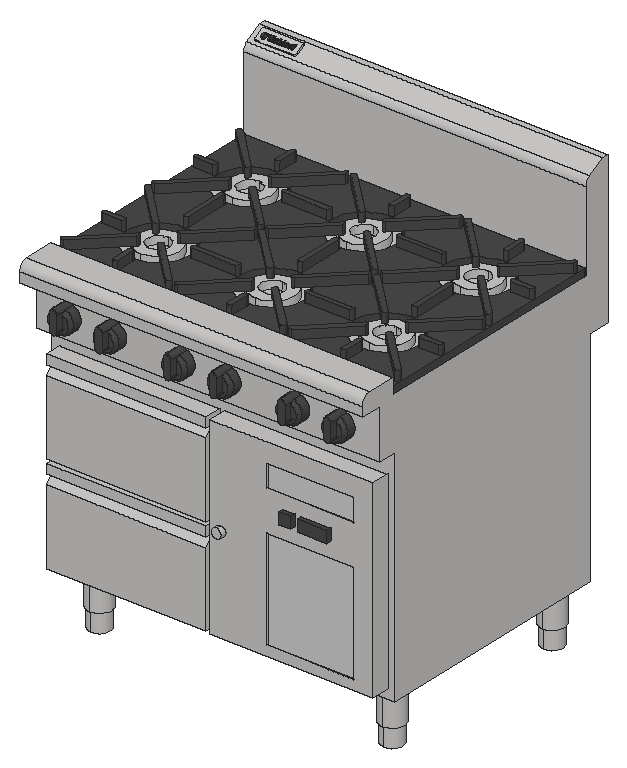
Revit family "QF_MOFFAT WALDORF_RN8600G-RB", category Specialty Equipment, Revit 2012
Parameters
  Weight in Pounds = 396.8316
  Watts = 250 W
  Volts = 240 V
  URL Cutsheet = "www.moffat.com"
  URL = "www.moffat.com"
  Type Mark [instance] = ""
  Status [instance] = ""
  Specification by User [instance] = ""
  Specification by Manufacturer = ""
  Show Logo [instance] = yes
  Show Door [instance] = no
  Show Clearance [instance] = yes
  Show Casters [instance] = no
  Serial Number = ""
  Seismic Rating = ""
  SMACNA No = ""
  Revision Code [instance] = ""
  Refrigerant Type = "R134a"
  Phase = 1
  Omniclass Number and Title = ""
  Number of Poles = 1
  NAFEM Spec ID Number = ""
  Model = "RN8600G-RB"
  Min Ckt Ampacity = 0 A
  Mechanical Remarks [instance] = ""
  Mechanical Connection Type [instance] = ""
  Max Overcurrent Protection = 0 A
  Masterspec = ""
  Manufacturer = "MOFFAT WALDORF"
  Legs [instance] = not(Show Casters)  # yes
  Item Number [instance] = ""
  Installed By [instance] = ""
  Identify Quantity as Lot [instance] = yes
  HP = ""
  Gas Size = 3/4"
  Gas RI Height [instance] = 0.0 mm
  Gas KW [instance] = 46.6
  Gas Input [instance] = 159233.0 Btu/h
  Gas Connection Height = 0.0 mm
  Furnished By [instance] = ""
  Foodservice Equipment Identifier [instance] = yes
  FL Amps = 1.8 A
  Elec Conn RI Height = 0.0 mm
  Elec Conn Connection Height = 0.0 mm
  Drawer Clearance [instance] = and(Show Clearance, and(Drawer))  # yes
  Drawer [instance] = not(Show Door)  # yes
  Door Clearance [instance] = and(Show Clearance, and(Show Door))  # no
  Description = "COOK TOP GAS ON REFRIGERATED BASE"
  Cycle = 50 Hz
  Conn Plug = ""
  Conn Conduit = yes
  CSI MasterFormat = ""
  CSI Master Format = ""
  Body Height [instance] = 915.0 mm
  Base Height [instance] = 150.0 mm
  Apparent Power = if(Phase = 3, Volts * FL Amps * 1.73, Volts * FL Amps)  # 432 VA
Reference planes
  plane 1 "BACK": y = 0
  plane 2: z = 0
  plane 3 "LEFT": x = 0
  plane 4 "RIGHT": x = 900
  plane 5 "FRONT": y = -805
  plane 6 "TOP": z = 1130
  plane 7 "Center Y": x = 450
  plane 8 "Center X": y = -402.5
  plane 9 "Base Height": z = 150
  plane 10: z = 915
  plane 11: x = 65.8
  plane 12: x = 65
  plane 13: x = 835
  plane 14: z = 174
  plane 15: z = 402
  plane 16: x = 616.5
Forms (mm)
  Revolve 1, solid, material "QF_Finishes_Black"
    sketch origin (210, 0, 600) x (0, -1, 0) y (0, 0, 1)
      loop
        line (782, 229.605) -> (759, 229.605) -> (759, 202.105) -> (749, 202.105) -> (749, 197.105) -> (793, 197.105) -> (793, 223.757) -> (782, 229.605)
      axis (793, 197.105) -> (749, 197.105)
    angle from 0 to 360
  Extrusion 2, solid, material "QF_Finishes_Black"
    sketch origin (-78.431, 0, 496.003) x (1, 0, 0) y (0, 0, 1)
      loop
        line (298.431, 289) -> (298.431, 327.997)
        arc (298.431, 327.997) -> (288.431, 337.997) -> (278.431, 327.997) r 10
        line (278.431, 327.997) -> (278.431, 289)
        arc (278.431, 289) -> (288.431, 279) -> (298.431, 289) r 10
    from 759 to 808
  Extrusion 3, solid, material "QF_Finishes_Stainless Steel"
    sketch origin (705, 3, 100) x (1, 0, 0) y (0, 1, 0)
      loop
        circle (65, -35) r 13.5
    from 555 to 635
  Revolve 4, solid, material "QF_Finishes_Black"
    sketch origin (89.999, 0, 599.873) x (0, 1, 0) y (0, 0, -1)
      loop
        line (-782, -229.5) -> (-759, -229.5) -> (-759, -202) -> (-749, -202) -> (-749, -197) -> (-793, -197) -> (-793, -223.651) -> (-782, -229.5)
      axis (-793, -197) -> (-749, -197)
    angle from 0 to 360
  Extrusion 5, solid, material "QF_Finishes_Black"
    sketch origin (228.269, 0, 600.031) x (-1, 0, 0) y (0, 0, -1)
      loop
        arc (148.269, -184.969) -> (138.269, -174.969) -> (128.269, -184.969) r 10
        line (128.269, -184.969) -> (128.269, -223.969)
        arc (128.269, -223.969) -> (138.269, -233.969) -> (148.269, -223.969) r 10
        line (148.269, -223.969) -> (148.269, -184.969)
    from 759 to 808
  Extrusion 6, solid, material "QF_Finishes_Black"
    sketch origin (0, -70, 875) x (0, -1, 0) y (1, 0, 0)
      loop
        arc (1, 4) -> (1.879, 1.879) -> (4, 1) r 3
        line (4, 1) -> (631, 1)
        arc (631, 1) -> (633.121, 1.879) -> (634, 4) r 3
        line (634, 4) -> (634, 896)
        arc (634, 896) -> (633.121, 898.121) -> (631, 899) r 3
        line (631, 899) -> (4, 899)
        arc (4, 899) -> (1.879, 898.121) -> (1, 896) r 3
        line (1, 896) -> (1, 4)
      loop
        circle (167.5, 150) r 84.082
      loop
        circle (467.5, 150) r 84.082
      loop
        circle (467.5, 750) r 84.082
      loop
        circle (167.5, 750) r 84.082
      loop
        circle (167.5, 450) r 84.082
      loop
        circle (467.5, 450) r 84.082
    from 0 to 19.5
  Extrusion 7, solid, material "QF_Finishes_Black"
    sketch origin (0, -70, 894.5) x (0, -1, 0) y (1, 0, 0)
      loop
        spline (323.602, 15.153) -> (322.681, 13.924) -> (322.131, 12.47) -> (321.99, 10.89) -> (322.267, 9.292) -> (322.943, 7.786) -> (323.973, 6.473) -> (325.286, 5.443) -> (326.792, 4.767) -> (328.39, 4.49) -> (329.97, 4.631) -> (331.424, 5.181) -> (332.653, 6.102)
        line (332.653, 6.102) -> (440.576, 114.025)
        spline (440.576, 114.025) -> (441.337, 115.095) -> (441.738, 116.399) -> (441.751, 117.851) -> (441.375, 119.35) -> (440.637, 120.795) -> (439.586, 122.086) -> (438.295, 123.137) -> (436.85, 123.875) -> (435.351, 124.251) -> (433.899, 124.238) -> (432.595, 123.837) -> (431.525, 123.076)
        line (431.525, 123.076) -> (323.602, 15.153)
      loop
        spline (259.398, 156.4) -> (258.104, 156.182) -> (256.898, 155.543) -> (255.862, 154.525) -> (255.068, 153.2) -> (254.568, 151.656) -> (254.398, 150) -> (254.568, 148.344) -> (255.068, 146.8) -> (255.862, 145.475) -> (256.898, 144.457) -> (258.104, 143.818) -> (259.398, 143.6)
        line (259.398, 143.6) -> (375.602, 143.6)
        spline (375.602, 143.6) -> (376.896, 143.818) -> (378.102, 144.457) -> (379.138, 145.475) -> (379.932, 146.8) -> (380.432, 148.344) -> (380.602, 150) -> (380.432, 151.656) -> (379.932, 153.2) -> (379.138, 154.525) -> (378.102, 155.543) -> (376.896, 156.182) -> (375.602, 156.4)
        line (375.602, 156.4) -> (259.398, 156.4)
      loop
        spline (608.602, 143.6) -> (609.896, 143.818) -> (611.102, 144.457) -> (612.138, 145.475) -> (612.932, 146.8) -> (613.432, 148.344) -> (613.602, 150) -> (613.432, 151.656) -> (612.932, 153.2) -> (612.138, 154.525) -> (611.102, 155.543) -> (609.896, 156.182) -> (608.602, 156.4)
        line (608.602, 156.4) -> (559.398, 156.4)
        spline (559.398, 156.4) -> (558.104, 156.182) -> (556.898, 155.543) -> (555.862, 154.525) -> (555.068, 153.2) -> (554.568, 151.656) -> (554.398, 150) -> (554.568, 148.344) -> (555.068, 146.8) -> (555.862, 145.475) -> (556.898, 144.457) -> (558.104, 143.818) -> (559.398, 143.6)
        line (559.398, 143.6) -> (608.602, 143.6)
      loop
        line (611.398, 15.153) -> (503.475, 123.076)
        spline (503.475, 123.076) -> (502.405, 123.837) -> (501.101, 124.238) -> (499.649, 124.251) -> (498.15, 123.875) -> (496.705, 123.137) -> (495.414, 122.086) -> (494.363, 120.795) -> (493.625, 119.35) -> (493.249, 117.851) -> (493.262, 116.399) -> (493.663, 115.095) -> (494.424, 114.025)
        line (494.424, 114.025) -> (602.347, 6.102)
        spline (602.347, 6.102) -> (603.416, 5.341) -> (604.721, 4.941) -> (606.172, 4.928) -> (607.671, 5.303) -> (609.116, 6.041) -> (610.408, 7.092) -> (611.459, 8.384) -> (612.197, 9.829) -> (612.572, 11.328) -> (612.559, 12.779) -> (612.159, 14.084) -> (611.398, 15.153)
      loop
        line (473.9, 8.898) -> (473.9, 58.102)
        spline (473.9, 58.102) -> (473.682, 59.396) -> (473.043, 60.602) -> (472.025, 61.638) -> (470.7, 62.432) -> (469.156, 62.932) -> (467.5, 63.102) -> (465.844, 62.932) -> (464.3, 62.432) -> (462.975, 61.638) -> (461.957, 60.602) -> (461.318, 59.396) -> (461.1, 58.102)
        line (461.1, 58.102) -> (461.1, 8.898)
        spline (461.1, 8.898) -> (461.318, 7.604) -> (461.957, 6.398) -> (462.975, 5.362) -> (464.3, 4.568) -> (465.844, 4.068) -> (467.5, 3.898) -> (469.156, 4.068) -> (470.7, 4.568) -> (472.025, 5.362) -> (473.043, 6.398) -> (473.682, 7.604) -> (473.9, 8.898)
      loop
        spline (23.602, 15.153) -> (22.681, 13.924) -> (22.131, 12.47) -> (21.99, 10.89) -> (22.267, 9.292) -> (22.943, 7.786) -> (23.973, 6.473) -> (25.286, 5.443) -> (26.792, 4.767) -> (28.39, 4.49) -> (29.97, 4.631) -> (31.424, 5.181) -> (32.653, 6.102)
        line (32.653, 6.102) -> (140.576, 114.025)
        spline (140.576, 114.025) -> (141.337, 115.095) -> (141.738, 116.399) -> (141.751, 117.851) -> (141.375, 119.35) -> (140.637, 120.795) -> (139.586, 122.086) -> (138.295, 123.137) -> (136.85, 123.875) -> (135.351, 124.251) -> (133.899, 124.238) -> (132.595, 123.837) -> (131.525, 123.076)
        line (131.525, 123.076) -> (23.602, 15.153)
      loop
        spline (26.398, 156.4) -> (25.104, 156.182) -> (23.898, 155.543) -> (22.862, 154.525) -> (22.068, 153.2) -> (21.568, 151.656) -> (21.398, 150) -> (21.568, 148.344) -> (22.068, 146.8) -> (22.862, 145.475) -> (23.898, 144.457) -> (25.104, 143.818) -> (26.398, 143.6)
        line (26.398, 143.6) -> (75.602, 143.6)
        spline (75.602, 143.6) -> (76.896, 143.818) -> (78.102, 144.457) -> (79.138, 145.475) -> (79.932, 146.8) -> (80.432, 148.344) -> (80.602, 150) -> (80.432, 151.656) -> (79.932, 153.2) -> (79.138, 154.525) -> (78.102, 155.543) -> (76.896, 156.182) -> (75.602, 156.4)
        line (75.602, 156.4) -> (26.398, 156.4)
      loop
        line (311.398, 15.153) -> (203.475, 123.076)
        spline (203.475, 123.076) -> (202.405, 123.837) -> (201.101, 124.238) -> (199.649, 124.251) -> (198.15, 123.875) -> (196.705, 123.137) -> (195.414, 122.086) -> (194.363, 120.795) -> (193.625, 119.35) -> (193.249, 117.851) -> (193.262, 116.399) -> (193.663, 115.095) -> (194.424, 114.025)
        line (194.424, 114.025) -> (302.347, 6.102)
        spline (302.347, 6.102) -> (303.416, 5.341) -> (304.721, 4.941) -> (306.172, 4.928) -> (307.671, 5.303) -> (309.116, 6.041) -> (310.408, 7.092) -> (311.459, 8.384) -> (312.197, 9.829) -> (312.572, 11.328) -> (312.559, 12.779) -> (312.159, 14.084) -> (311.398, 15.153)
      loop
        line (173.9, 8.898) -> (173.9, 58.102)
        spline (173.9, 58.102) -> (173.682, 59.396) -> (173.043, 60.602) -> (172.025, 61.638) -> (170.7, 62.432) -> (169.156, 62.932) -> (167.5, 63.102) -> (165.844, 62.932) -> (164.3, 62.432) -> (162.975, 61.638) -> (161.957, 60.602) -> (161.318, 59.396) -> (161.1, 58.102)
        line (161.1, 58.102) -> (161.1, 8.898)
        spline (161.1, 8.898) -> (161.318, 7.604) -> (161.957, 6.398) -> (162.975, 5.362) -> (164.3, 4.568) -> (165.844, 4.068) -> (167.5, 3.898) -> (169.156, 4.068) -> (170.7, 4.568) -> (172.025, 5.362) -> (173.043, 6.398) -> (173.682, 7.604) -> (173.9, 8.898)
      loop
        line (323.602, 284.847) -> (431.525, 176.924)
        spline (431.525, 176.924) -> (432.595, 176.163) -> (433.899, 175.762) -> (435.351, 175.749) -> (436.85, 176.125) -> (438.295, 176.863) -> (439.586, 177.914) -> (440.637, 179.205) -> (441.375, 180.65) -> (441.751, 182.149) -> (441.738, 183.601) -> (441.337, 184.905) -> (440.576, 185.975)
        line (440.576, 185.975) -> (332.653, 293.898)
        spline (332.653, 293.898) -> (331.424, 294.819) -> (329.97, 295.369) -> (328.39, 295.51) -> (326.792, 295.233) -> (325.286, 294.557) -> (323.973, 293.527) -> (322.943, 292.214) -> (322.267, 290.708) -> (321.99, 289.11) -> (322.131, 287.53) -> (322.681, 286.076) -> (323.602, 284.847)
      loop
        spline (611.398, 284.847) -> (612.159, 285.916) -> (612.559, 287.221) -> (612.572, 288.672) -> (612.197, 290.171) -> (611.459, 291.616) -> (610.408, 292.908) -> (609.116, 293.959) -> (607.671, 294.697) -> (606.172, 295.072) -> (604.721, 295.059) -> (603.416, 294.659) -> (602.347, 293.898)
        line (602.347, 293.898) -> (494.424, 185.975)
        spline (494.424, 185.975) -> (493.663, 184.905) -> (493.262, 183.601) -> (493.249, 182.149) -> (493.625, 180.65) -> (494.363, 179.205) -> (495.414, 177.914) -> (496.705, 176.863) -> (498.15, 176.125) -> (499.649, 175.749) -> (501.101, 175.762) -> (502.405, 176.163) -> (503.475, 176.924)
        line (503.475, 176.924) -> (611.398, 284.847)
      loop
        spline (461.1, 241.898) -> (461.318, 240.604) -> (461.957, 239.398) -> (462.975, 238.362) -> (464.3, 237.568) -> (465.844, 237.068) -> (467.5, 236.898) -> (469.156, 237.068) -> (470.7, 237.568) -> (472.025, 238.362) -> (473.043, 239.398) -> (473.682, 240.604) -> (473.9, 241.898)
        line (473.9, 241.898) -> (473.9, 358.102)
        spline (473.9, 358.102) -> (473.682, 359.396) -> (473.043, 360.602) -> (472.025, 361.638) -> (470.7, 362.432) -> (469.156, 362.932) -> (467.5, 363.102) -> (465.844, 362.932) -> (464.3, 362.432) -> (462.975, 361.638) -> (461.957, 360.602) -> (461.318, 359.396) -> (461.1, 358.102)
        line (461.1, 358.102) -> (461.1, 241.898)
      loop
        line (23.602, 284.847) -> (131.525, 176.924)
        spline (131.525, 176.924) -> (132.595, 176.163) -> (133.899, 175.762) -> (135.351, 175.749) -> (136.85, 176.125) -> (138.295, 176.863) -> (139.586, 177.914) -> (140.637, 179.205) -> (141.375, 180.65) -> (141.751, 182.149) -> (141.738, 183.601) -> (141.337, 184.905) -> (140.576, 185.975)
        line (140.576, 185.975) -> (32.653, 293.898)
        spline (32.653, 293.898) -> (31.424, 294.819) -> (29.97, 295.369) -> (28.39, 295.51) -> (26.792, 295.233) -> (25.286, 294.557) -> (23.973, 293.527) -> (22.943, 292.214) -> (22.267, 290.708) -> (21.99, 289.11) -> (22.131, 287.53) -> (22.681, 286.076) -> (23.602, 284.847)
      loop
        spline (311.398, 284.847) -> (312.159, 285.916) -> (312.559, 287.221) -> (312.572, 288.672) -> (312.197, 290.171) -> (311.459, 291.616) -> (310.408, 292.908) -> (309.116, 293.959) -> (307.671, 294.697) -> (306.172, 295.072) -> (304.721, 295.059) -> (303.416, 294.659) -> (302.347, 293.898)
        line (302.347, 293.898) -> (194.424, 185.975)
        spline (194.424, 185.975) -> (193.663, 184.905) -> (193.262, 183.601) -> (193.249, 182.149) -> (193.625, 180.65) -> (194.363, 179.205) -> (195.414, 177.914) -> (196.705, 176.863) -> (198.15, 176.125) -> (199.649, 175.749) -> (201.101, 175.762) -> (202.405, 176.163) -> (203.475, 176.924)
        line (203.475, 176.924) -> (311.398, 284.847)
      loop
        spline (173.9, 358.102) -> (173.682, 359.396) -> (173.043, 360.602) -> (172.025, 361.638) -> (170.7, 362.432) -> (169.156, 362.932) -> (167.5, 363.102) -> (165.844, 362.932) -> (164.3, 362.432) -> (162.975, 361.638) -> (161.957, 360.602) -> (161.318, 359.396) -> (161.1, 358.102)
        line (161.1, 358.102) -> (161.1, 241.898)
        spline (161.1, 241.898) -> (161.318, 240.604) -> (161.957, 239.398) -> (162.975, 238.362) -> (164.3, 237.568) -> (165.844, 237.068) -> (167.5, 236.898) -> (169.156, 237.068) -> (170.7, 237.568) -> (172.025, 238.362) -> (173.043, 239.398) -> (173.682, 240.604) -> (173.9, 241.898)
        line (173.9, 241.898) -> (173.9, 358.102)
      loop
        spline (323.602, 315.153) -> (322.681, 313.924) -> (322.131, 312.47) -> (321.99, 310.89) -> (322.267, 309.292) -> (322.943, 307.786) -> (323.973, 306.473) -> (325.286, 305.443) -> (326.792, 304.767) -> (328.39, 304.49) -> (329.97, 304.631) -> (331.424, 305.181) -> (332.653, 306.102)
        line (332.653, 306.102) -> (440.576, 414.025)
        spline (440.576, 414.025) -> (441.337, 415.095) -> (441.738, 416.399) -> (441.751, 417.851) -> (441.375, 419.35) -> (440.637, 420.795) -> (439.586, 422.086) -> (438.295, 423.137) -> (436.85, 423.875) -> (435.351, 424.251) -> (433.899, 424.238) -> (432.595, 423.837) -> (431.525, 423.076)
        line (431.525, 423.076) -> (323.602, 315.153)
      loop
        spline (259.398, 456.4) -> (258.104, 456.182) -> (256.898, 455.543) -> (255.862, 454.525) -> (255.068, 453.2) -> (254.568, 451.656) -> (254.398, 450) -> (254.568, 448.344) -> (255.068, 446.8) -> (255.862, 445.475) -> (256.898, 444.457) -> (258.104, 443.818) -> (259.398, 443.6)
        line (259.398, 443.6) -> (375.602, 443.6)
        spline (375.602, 443.6) -> (376.896, 443.818) -> (378.102, 444.457) -> (379.138, 445.475) -> (379.932, 446.8) -> (380.432, 448.344) -> (380.602, 450) -> (380.432, 451.656) -> (379.932, 453.2) -> (379.138, 454.525) -> (378.102, 455.543) -> (376.896, 456.182) -> (375.602, 456.4)
        line (375.602, 456.4) -> (259.398, 456.4)
      loop
        spline (608.602, 443.6) -> (609.896, 443.818) -> (611.102, 444.457) -> (612.138, 445.475) -> (612.932, 446.8) -> (613.432, 448.344) -> (613.602, 450) -> (613.432, 451.656) -> (612.932, 453.2) -> (612.138, 454.525) -> (611.102, 455.543) -> (609.896, 456.182) -> (608.602, 456.4)
        line (608.602, 456.4) -> (559.398, 456.4)
        spline (559.398, 456.4) -> (558.104, 456.182) -> (556.898, 455.543) -> (555.862, 454.525) -> (555.068, 453.2) -> (554.568, 451.656) -> (554.398, 450) -> (554.568, 448.344) -> (555.068, 446.8) -> (555.862, 445.475) -> (556.898, 444.457) -> (558.104, 443.818) -> (559.398, 443.6)
        line (559.398, 443.6) -> (608.602, 443.6)
      loop
        line (611.398, 315.153) -> (503.475, 423.076)
        spline (503.475, 423.076) -> (502.405, 423.837) -> (501.101, 424.238) -> (499.649, 424.251) -> (498.15, 423.875) -> (496.705, 423.137) -> (495.414, 422.086) -> (494.363, 420.795) -> (493.625, 419.35) -> (493.249, 417.851) -> (493.262, 416.399) -> (493.663, 415.095) -> (494.424, 414.025)
        line (494.424, 414.025) -> (602.347, 306.102)
        spline (602.347, 306.102) -> (603.416, 305.341) -> (604.721, 304.941) -> (606.172, 304.928) -> (607.671, 305.303) -> (609.116, 306.041) -> (610.408, 307.092) -> (611.459, 308.384) -> (612.197, 309.829) -> (612.572, 311.328) -> (612.559, 312.779) -> (612.159, 314.084) -> (611.398, 315.153)
      loop
        spline (23.602, 315.153) -> (22.681, 313.924) -> (22.131, 312.47) -> (21.99, 310.89) -> (22.267, 309.292) -> (22.943, 307.786) -> (23.973, 306.473) -> (25.286, 305.443) -> (26.792, 304.767) -> (28.39, 304.49) -> (29.97, 304.631) -> (31.424, 305.181) -> (32.653, 306.102)
        line (32.653, 306.102) -> (140.576, 414.025)
        spline (140.576, 414.025) -> (141.337, 415.095) -> (141.738, 416.399) -> (141.751, 417.851) -> (141.375, 419.35) -> (140.637, 420.795) -> (139.586, 422.086) -> (138.295, 423.137) -> (136.85, 423.875) -> (135.351, 424.251) -> (133.899, 424.238) -> (132.595, 423.837) -> (131.525, 423.076)
        line (131.525, 423.076) -> (23.602, 315.153)
      loop
        spline (26.398, 456.4) -> (25.104, 456.182) -> (23.898, 455.543) -> (22.862, 454.525) -> (22.068, 453.2) -> (21.568, 451.656) -> (21.398, 450) -> (21.568, 448.344) -> (22.068, 446.8) -> (22.862, 445.475) -> (23.898, 444.457) -> (25.104, 443.818) -> (26.398, 443.6)
        line (26.398, 443.6) -> (75.602, 443.6)
        spline (75.602, 443.6) -> (76.896, 443.818) -> (78.102, 444.457) -> (79.138, 445.475) -> (79.932, 446.8) -> (80.432, 448.344) -> (80.602, 450) -> (80.432, 451.656) -> (79.932, 453.2) -> (79.138, 454.525) -> (78.102, 455.543) -> (76.896, 456.182) -> (75.602, 456.4)
        line (75.602, 456.4) -> (26.398, 456.4)
      loop
        line (311.398, 315.153) -> (203.475, 423.076)
        spline (203.475, 423.076) -> (202.405, 423.837) -> (201.101, 424.238) -> (199.649, 424.251) -> (198.15, 423.875) -> (196.705, 423.137) -> (195.414, 422.086) -> (194.363, 420.795) -> (193.625, 419.35) -> (193.249, 417.851) -> (193.262, 416.399) -> (193.663, 415.095) -> (194.424, 414.025)
        line (194.424, 414.025) -> (302.347, 306.102)
        spline (302.347, 306.102) -> (303.416, 305.341) -> (304.721, 304.941) -> (306.172, 304.928) -> (307.671, 305.303) -> (309.116, 306.041) -> (310.408, 307.092) -> (311.459, 308.384) -> (312.197, 309.829) -> (312.572, 311.328) -> (312.559, 312.779) -> (312.159, 314.084) -> (311.398, 315.153)
      loop
        line (323.602, 584.847) -> (431.525, 476.924)
        spline (431.525, 476.924) -> (432.595, 476.163) -> (433.899, 475.762) -> (435.351, 475.749) -> (436.85, 476.125) -> (438.295, 476.863) -> (439.586, 477.914) -> (440.637, 479.205) -> (441.375, 480.65) -> (441.751, 482.149) -> (441.738, 483.601) -> (441.337, 484.905) -> (440.576, 485.975)
        line (440.576, 485.975) -> (332.653, 593.898)
        spline (332.653, 593.898) -> (331.424, 594.819) -> (329.97, 595.369) -> (328.39, 595.51) -> (326.792, 595.233) -> (325.286, 594.557) -> (323.973, 593.527) -> (322.943, 592.214) -> (322.267, 590.708) -> (321.99, 589.11) -> (322.131, 587.53) -> (322.681, 586.076) -> (323.602, 584.847)
      loop
        spline (611.398, 584.847) -> (612.159, 585.916) -> (612.559, 587.221) -> (612.572, 588.672) -> (612.197, 590.171) -> (611.459, 591.616) -> (610.408, 592.908) -> (609.116, 593.959) -> (607.671, 594.697) -> (606.172, 595.072) -> (604.721, 595.059) -> (603.416, 594.659) -> (602.347, 593.898)
        line (602.347, 593.898) -> (494.424, 485.975)
        spline (494.424, 485.975) -> (493.663, 484.905) -> (493.262, 483.601) -> (493.249, 482.149) -> (493.625, 480.65) -> (494.363, 479.205) -> (495.414, 477.914) -> (496.705, 476.863) -> (498.15, 476.125) -> (499.649, 475.749) -> (501.101, 475.762) -> (502.405, 476.163) -> (503.475, 476.924)
        line (503.475, 476.924) -> (611.398, 584.847)
      loop
        spline (473.9, 658.102) -> (473.682, 659.396) -> (473.043, 660.602) -> (472.025, 661.638) -> (470.7, 662.432) -> (469.156, 662.932) -> (467.5, 663.102) -> (465.844, 662.932) -> (464.3, 662.432) -> (462.975, 661.638) -> (461.957, 660.602) -> (461.318, 659.396) -> (461.1, 658.102)
        line (461.1, 658.102) -> (461.1, 541.898)
        spline (461.1, 541.898) -> (461.318, 540.604) -> (461.957, 539.398) -> (462.975, 538.362) -> (464.3, 537.568) -> (465.844, 537.068) -> (467.5, 536.898) -> (469.156, 537.068) -> (470.7, 537.568) -> (472.025, 538.362) -> (473.043, 539.398) -> (473.682, 540.604) -> (473.9, 541.898)
        line (473.9, 541.898) -> (473.9, 658.102)
      loop
        line (23.602, 584.847) -> (131.525, 476.924)
        spline (131.525, 476.924) -> (132.595, 476.163) -> (133.899, 475.762) -> (135.351, 475.749) -> (136.85, 476.125) -> (138.295, 476.863) -> (139.586, 477.914) -> (140.637, 479.205) -> (141.375, 480.65) -> (141.751, 482.149) -> (141.738, 483.601) -> (141.337, 484.905) -> (140.576, 485.975)
        line (140.576, 485.975) -> (32.653, 593.898)
        spline (32.653, 593.898) -> (31.424, 594.819) -> (29.97, 595.369) -> (28.39, 595.51) -> (26.792, 595.233) -> (25.286, 594.557) -> (23.973, 593.527) -> (22.943, 592.214) -> (22.267, 590.708) -> (21.99, 589.11) -> (22.131, 587.53) -> (22.681, 586.076) -> (23.602, 584.847)
      loop
        spline (311.398, 584.847) -> (312.159, 585.916) -> (312.559, 587.221) -> (312.572, 588.672) -> (312.197, 590.171) -> (311.459, 591.616) -> (310.408, 592.908) -> (309.116, 593.959) -> (307.671, 594.697) -> (306.172, 595.072) -> (304.721, 595.059) -> (303.416, 594.659) -> (302.347, 593.898)
        line (302.347, 593.898) -> (194.424, 485.975)
        spline (194.424, 485.975) -> (193.663, 484.905) -> (193.262, 483.601) -> (193.249, 482.149) -> (193.625, 480.65) -> (194.363, 479.205) -> (195.414, 477.914) -> (196.705, 476.863) -> (198.15, 476.125) -> (199.649, 475.749) -> (201.101, 475.762) -> (202.405, 476.163) -> (203.475, 476.924)
        line (203.475, 476.924) -> (311.398, 584.847)
      loop
        spline (173.9, 658.102) -> (173.682, 659.396) -> (173.043, 660.602) -> (172.025, 661.638) -> (170.7, 662.432) -> (169.156, 662.932) -> (167.5, 663.102) -> (165.844, 662.932) -> (164.3, 662.432) -> (162.975, 661.638) -> (161.957, 660.602) -> (161.318, 659.396) -> (161.1, 658.102)
        line (161.1, 658.102) -> (161.1, 541.898)
        spline (161.1, 541.898) -> (161.318, 540.604) -> (161.957, 539.398) -> (162.975, 538.362) -> (164.3, 537.568) -> (165.844, 537.068) -> (167.5, 536.898) -> (169.156, 537.068) -> (170.7, 537.568) -> (172.025, 538.362) -> (173.043, 539.398) -> (173.682, 540.604) -> (173.9, 541.898)
        line (173.9, 541.898) -> (173.9, 658.102)
      loop
        spline (323.602, 615.153) -> (322.681, 613.924) -> (322.131, 612.47) -> (321.99, 610.89) -> (322.267, 609.292) -> (322.943, 607.786) -> (323.973, 606.473) -> (325.286, 605.443) -> (326.792, 604.767) -> (328.39, 604.49) -> (329.97, 604.631) -> (331.424, 605.181) -> (332.653, 606.102)
        line (332.653, 606.102) -> (440.576, 714.025)
        spline (440.576, 714.025) -> (441.337, 715.095) -> (441.738, 716.399) -> (441.751, 717.851) -> (441.375, 719.35) -> (440.637, 720.795) -> (439.586, 722.086) -> (438.295, 723.137) -> (436.85, 723.875) -> (435.351, 724.251) -> (433.899, 724.238) -> (432.595, 723.837) -> (431.525, 723.076)
        line (431.525, 723.076) -> (323.602, 615.153)
      loop
        spline (259.398, 756.4) -> (258.104, 756.182) -> (256.898, 755.543) -> (255.862, 754.525) -> (255.068, 753.2) -> (254.568, 751.656) -> (254.398, 750) -> (254.568, 748.344) -> (255.068, 746.8) -> (255.862, 745.475) -> (256.898, 744.457) -> (258.104, 743.818) -> (259.398, 743.6)
        line (259.398, 743.6) -> (375.602, 743.6)
        spline (375.602, 743.6) -> (376.896, 743.818) -> (378.102, 744.457) -> (379.138, 745.475) -> (379.932, 746.8) -> (380.432, 748.344) -> (380.602, 750) -> (380.432, 751.656) -> (379.932, 753.2) -> (379.138, 754.525) -> (378.102, 755.543) -> (376.896, 756.182) -> (375.602, 756.4)
        line (375.602, 756.4) -> (259.398, 756.4)
      loop
        spline (608.602, 743.6) -> (609.896, 743.818) -> (611.102, 744.457) -> (612.138, 745.475) -> (612.932, 746.8) -> (613.432, 748.344) -> (613.602, 750) -> (613.432, 751.656) -> (612.932, 753.2) -> (612.138, 754.525) -> (611.102, 755.543) -> (609.896, 756.182) -> (608.602, 756.4)
        line (608.602, 756.4) -> (559.398, 756.4)
        spline (559.398, 756.4) -> (558.104, 756.182) -> (556.898, 755.543) -> (555.862, 754.525) -> (555.068, 753.2) -> (554.568, 751.656) -> (554.398, 750) -> (554.568, 748.344) -> (555.068, 746.8) -> (555.862, 745.475) -> (556.898, 744.457) -> (558.104, 743.818) -> (559.398, 743.6)
        line (559.398, 743.6) -> (608.602, 743.6)
      loop
        line (611.398, 615.153) -> (503.475, 723.076)
        spline (503.475, 723.076) -> (502.405, 723.837) -> (501.101, 724.238) -> (499.649, 724.251) -> (498.15, 723.875) -> (496.705, 723.137) -> (495.414, 722.086) -> (494.363, 720.795) -> (493.625, 719.35) -> (493.249, 717.851) -> (493.262, 716.399) -> (493.663, 715.095) -> (494.424, 714.025)
        line (494.424, 714.025) -> (602.347, 606.102)
        spline (602.347, 606.102) -> (603.416, 605.341) -> (604.721, 604.941) -> (606.172, 604.928) -> (607.671, 605.303) -> (609.116, 606.041) -> (610.408, 607.092) -> (611.459, 608.384) -> (612.197, 609.829) -> (612.572, 611.328) -> (612.559, 612.779) -> (612.159, 614.084) -> (611.398, 615.153)
      loop
        spline (23.602, 615.153) -> (22.681, 613.924) -> (22.131, 612.47) -> (21.99, 610.89) -> (22.267, 609.292) -> (22.943, 607.786) -> (23.973, 606.473) -> (25.286, 605.443) -> (26.792, 604.767) -> (28.39, 604.49) -> (29.97, 604.631) -> (31.424, 605.181) -> (32.653, 606.102)
        line (32.653, 606.102) -> (140.576, 714.025)
        spline (140.576, 714.025) -> (141.337, 715.095) -> (141.738, 716.399) -> (141.751, 717.851) -> (141.375, 719.35) -> (140.637, 720.795) -> (139.586, 722.086) -> (138.295, 723.137) -> (136.85, 723.875) -> (135.351, 724.251) -> (133.899, 724.238) -> (132.595, 723.837) -> (131.525, 723.076)
        line (131.525, 723.076) -> (23.602, 615.153)
      loop
        spline (26.398, 756.4) -> (25.104, 756.182) -> (23.898, 755.543) -> (22.862, 754.525) -> (22.068, 753.2) -> (21.568, 751.656) -> (21.398, 750) -> (21.568, 748.344) -> (22.068, 746.8) -> (22.862, 745.475) -> (23.898, 744.457) -> (25.104, 743.818) -> (26.398, 743.6)
        line (26.398, 743.6) -> (75.602, 743.6)
        spline (75.602, 743.6) -> (76.896, 743.818) -> (78.102, 744.457) -> (79.138, 745.475) -> (79.932, 746.8) -> (80.432, 748.344) -> (80.602, 750) -> (80.432, 751.656) -> (79.932, 753.2) -> (79.138, 754.525) -> (78.102, 755.543) -> (76.896, 756.182) -> (75.602, 756.4)
        line (75.602, 756.4) -> (26.398, 756.4)
      loop
        line (311.398, 615.153) -> (203.475, 723.076)
        spline (203.475, 723.076) -> (202.405, 723.837) -> (201.101, 724.238) -> (199.649, 724.251) -> (198.15, 723.875) -> (196.705, 723.137) -> (195.414, 722.086) -> (194.363, 720.795) -> (193.625, 719.35) -> (193.249, 717.851) -> (193.262, 716.399) -> (193.663, 715.095) -> (194.424, 714.025)
        line (194.424, 714.025) -> (302.347, 606.102)
        spline (302.347, 606.102) -> (303.416, 605.341) -> (304.721, 604.941) -> (306.172, 604.928) -> (307.671, 605.303) -> (309.116, 606.041) -> (310.408, 607.092) -> (311.459, 608.384) -> (312.197, 609.829) -> (312.572, 611.328) -> (312.559, 612.779) -> (312.159, 614.084) -> (311.398, 615.153)
      loop
        line (323.602, 884.847) -> (431.525, 776.924)
        spline (431.525, 776.924) -> (432.595, 776.163) -> (433.899, 775.762) -> (435.351, 775.749) -> (436.85, 776.125) -> (438.295, 776.863) -> (439.586, 777.914) -> (440.637, 779.205) -> (441.375, 780.65) -> (441.751, 782.149) -> (441.738, 783.601) -> (441.337, 784.905) -> (440.576, 785.975)
        line (440.576, 785.975) -> (332.653, 893.898)
        spline (332.653, 893.898) -> (331.424, 894.819) -> (329.97, 895.369) -> (328.39, 895.51) -> (326.792, 895.233) -> (325.286, 894.557) -> (323.973, 893.527) -> (322.943, 892.214) -> (322.267, 890.708) -> (321.99, 889.11) -> (322.131, 887.53) -> (322.681, 886.076) -> (323.602, 884.847)
      loop
        spline (611.398, 884.847) -> (612.159, 885.916) -> (612.559, 887.221) -> (612.572, 888.672) -> (612.197, 890.171) -> (611.459, 891.616) -> (610.408, 892.908) -> (609.116, 893.959) -> (607.671, 894.697) -> (606.172, 895.072) -> (604.721, 895.059) -> (603.416, 894.659) -> (602.347, 893.898)
        line (602.347, 893.898) -> (494.424, 785.975)
        spline (494.424, 785.975) -> (493.663, 784.905) -> (493.262, 783.601) -> (493.249, 782.149) -> (493.625, 780.65) -> (494.363, 779.205) -> (495.414, 777.914) -> (496.705, 776.863) -> (498.15, 776.125) -> (499.649, 775.749) -> (501.101, 775.762) -> (502.405, 776.163) -> (503.475, 776.924)
        line (503.475, 776.924) -> (611.398, 884.847)
      loop
        spline (473.9, 891.102) -> (473.682, 892.396) -> (473.043, 893.602) -> (472.025, 894.638) -> (470.7, 895.432) -> (469.156, 895.932) -> (467.5, 896.102) -> (465.844, 895.932) -> (464.3, 895.432) -> (462.975, 894.638) -> (461.957, 893.602) -> (461.318, 892.396) -> (461.1, 891.102)
        line (461.1, 891.102) -> (461.1, 841.898)
        spline (461.1, 841.898) -> (461.318, 840.604) -> (461.957, 839.398) -> (462.975, 838.362) -> (464.3, 837.568) -> (465.844, 837.068) -> (467.5, 836.898) -> (469.156, 837.068) -> (470.7, 837.568) -> (472.025, 838.362) -> (473.043, 839.398) -> (473.682, 840.604) -> (473.9, 841.898)
        line (473.9, 841.898) -> (473.9, 891.102)
      loop
        line (23.602, 884.847) -> (131.525, 776.924)
        spline (131.525, 776.924) -> (132.595, 776.163) -> (133.899, 775.762) -> (135.351, 775.749) -> (136.85, 776.125) -> (138.295, 776.863) -> (139.586, 777.914) -> (140.637, 779.205) -> (141.375, 780.65) -> (141.751, 782.149) -> (141.738, 783.601) -> (141.337, 784.905) -> (140.576, 785.975)
        line (140.576, 785.975) -> (32.653, 893.898)
        spline (32.653, 893.898) -> (31.424, 894.819) -> (29.97, 895.369) -> (28.39, 895.51) -> (26.792, 895.233) -> (25.286, 894.557) -> (23.973, 893.527) -> (22.943, 892.214) -> (22.267, 890.708) -> (21.99, 889.11) -> (22.131, 887.53) -> (22.681, 886.076) -> (23.602, 884.847)
      loop
        spline (311.398, 884.847) -> (312.159, 885.916) -> (312.559, 887.221) -> (312.572, 888.672) -> (312.197, 890.171) -> (311.459, 891.616) -> (310.408, 892.908) -> (309.116, 893.959) -> (307.671, 894.697) -> (306.172, 895.072) -> (304.721, 895.059) -> (303.416, 894.659) -> (302.347, 893.898)
        line (302.347, 893.898) -> (194.424, 785.975)
        spline (194.424, 785.975) -> (193.663, 784.905) -> (193.262, 783.601) -> (193.249, 782.149) -> (193.625, 780.65) -> (194.363, 779.205) -> (195.414, 777.914) -> (196.705, 776.863) -> (198.15, 776.125) -> (199.649, 775.749) -> (201.101, 775.762) -> (202.405, 776.163) -> (203.475, 776.924)
        line (203.475, 776.924) -> (311.398, 884.847)
      loop
        spline (173.9, 891.102) -> (173.682, 892.396) -> (173.043, 893.602) -> (172.025, 894.638) -> (170.7, 895.432) -> (169.156, 895.932) -> (167.5, 896.102) -> (165.844, 895.932) -> (164.3, 895.432) -> (162.975, 894.638) -> (161.957, 893.602) -> (161.318, 892.396) -> (161.1, 891.102)
        line (161.1, 891.102) -> (161.1, 841.898)
        spline (161.1, 841.898) -> (161.318, 840.604) -> (161.957, 839.398) -> (162.975, 838.362) -> (164.3, 837.568) -> (165.844, 837.068) -> (167.5, 836.898) -> (169.156, 837.068) -> (170.7, 837.568) -> (172.025, 838.362) -> (173.043, 839.398) -> (173.682, 840.604) -> (173.9, 841.898)
        line (173.9, 841.898) -> (173.9, 891.102)
    from 0 to 23.5
  Revolve 8, solid, material "QF_Finishes_Black"
    sketch origin (510, 0, 600) x (0, -1, 0) y (0, 0, 1)
      loop
        line (782, 229.605) -> (759, 229.605) -> (759, 202.105) -> (749, 202.105) -> (749, 197.105) -> (793, 197.105) -> (793, 223.757) -> (782, 229.605)
      axis (793, 197.105) -> (749, 197.105)
    angle from 0 to 360
  Extrusion 9, solid, material "QF_Finishes_Black"
    sketch origin (371.569, 0, 496.003) x (1, 0, 0) y (0, 0, 1)
      loop
        line (148.431, 289) -> (148.431, 327.997)
        arc (148.431, 327.997) -> (138.431, 337.997) -> (128.431, 327.997) r 10
        line (128.431, 327.997) -> (128.431, 289)
        arc (128.431, 289) -> (138.431, 279) -> (148.431, 289) r 10
    from 759 to 808
  Revolve 10, solid, material "QF_Finishes_Black"
    sketch origin (389.999, 0, 599.873) x (0, 1, 0) y (0, 0, -1)
      loop
        line (-782, -229.5) -> (-759, -229.5) -> (-759, -202) -> (-749, -202) -> (-749, -197) -> (-793, -197) -> (-793, -223.651) -> (-782, -229.5)
      axis (-793, -197) -> (-749, -197)
    angle from 0 to 360
  Extrusion 11, solid, material "QF_Finishes_Black"
    sketch origin (378.269, 0, 600.031) x (-1, 0, 0) y (0, 0, -1)
      loop
        arc (-1.731, -184.969) -> (-11.731, -174.969) -> (-21.731, -184.969) r 10
        line (-21.731, -184.969) -> (-21.731, -223.969)
        arc (-21.731, -223.969) -> (-11.731, -233.969) -> (-1.731, -223.969) r 10
        line (-1.731, -223.969) -> (-1.731, -184.969)
    from 759 to 808
  Revolve 12, solid, material "QF_Finishes_Black"
    sketch origin (810, 0, 600) x (0, -1, 0) y (0, 0, 1)
      loop
        line (782, 229.605) -> (759, 229.605) -> (759, 202.105) -> (749, 202.105) -> (749, 197.105) -> (793, 197.105) -> (793, 223.757) -> (782, 229.605)
      axis (793, 197.105) -> (749, 197.105)
    angle from 0 to 360
  Extrusion 13, solid, material "QF_Finishes_Black"
    sketch origin (671.569, 0, 496.003) x (1, 0, 0) y (0, 0, 1)
      loop
        line (148.431, 289) -> (148.431, 327.997)
        arc (148.431, 327.997) -> (138.431, 337.997) -> (128.431, 327.997) r 10
        line (128.431, 327.997) -> (128.431, 289)
        arc (128.431, 289) -> (138.431, 279) -> (148.431, 289) r 10
    from 759 to 808
  Revolve 14, solid, material "QF_Finishes_Black"
    sketch origin (689.999, 0, 599.873) x (0, 1, 0) y (0, 0, -1)
      loop
        line (-782, -229.5) -> (-759, -229.5) -> (-759, -202) -> (-749, -202) -> (-749, -197) -> (-793, -197) -> (-793, -223.651) -> (-782, -229.5)
      axis (-793, -197) -> (-749, -197)
    angle from 0 to 360
  Extrusion 15, solid, material "QF_Finishes_Black"
    sketch origin (678.269, 0, 600.031) x (-1, 0, 0) y (0, 0, -1)
      loop
        arc (-1.731, -184.969) -> (-11.731, -174.969) -> (-21.731, -184.969) r 10
        line (-21.731, -184.969) -> (-21.731, -223.969)
        arc (-21.731, -223.969) -> (-11.731, -233.969) -> (-1.731, -223.969) r 10
        line (-1.731, -223.969) -> (-1.731, -184.969)
    from 759 to 808
  Revolve 16, solid, material "QF_Finishes_Stainless Steel", visible <- "Legs"
    sketch origin (65, -165, 0) x (0, 1, 0) y (0, 0, 1)
      loop
        line (33.25, 150) -> (33.25, 50) -> (37.5, 50) -> (37.5, 0) -> (65, 0) -> (65, 150) -> (33.25, 150)
      axis (65, 150) -> (65, 0)
    angle from 0 to 360
  Revolve 17, solid, material "QF_Finishes_Stainless Steel"
    sketch origin (65, -735, 0) x (0, 1, 0) y (0, 0, 1)
      loop
        line (78.25, 150) -> (78.25, 50) -> (82.5, 50) -> (82.5, 0) -> (110, 0) -> (110, 150) -> (78.25, 150)
      axis (110, 150) -> (110, 0)
    angle from 0 to 360
  Revolve 18, solid, material "QF_Finishes_Stainless Steel", visible <- "Legs"
    sketch origin (835, -165, 0) x (0, 1, 0) y (0, 0, -1)
      loop
        line (33.25, -150) -> (65, -150) -> (65, 0) -> (37.5, 0) -> (37.5, -50) -> (33.25, -50) -> (33.25, -150)
      axis (65, -150) -> (65, 0)
    angle from 0 to 360
  Revolve 19, solid, material "QF_Finishes_Stainless Steel"
    sketch origin (835, -735, 0) x (0, 1, 0) y (0, 0, -1)
      loop
        line (78.25, -150) -> (110, -150) -> (110, 0) -> (82.5, 0) -> (82.5, -50) -> (78.25, -50) -> (78.25, -150)
      axis (110, -150) -> (110, 0)
    angle from 0 to 360
  Extrusion 20, solid, material "QF_Finishes_Stainless Steel"
    sketch origin (0, 0, 0) x (0, 1, 0) y (0, 0, 1)
      loop
        line (-805, 891) -> (-805, 866) -> (-749, 866) -> (-749, 735) -> (-699, 735) -> (-699, 150) -> (-59, 150) -> (-59, 735) -> (0, 735) -> (0, 1130) -> (-16.5, 1130) -> (-58.709, 1105.631)
        arc (-58.709, 1105.631) -> (-66.975, 1097.365) -> (-70, 1086.074) r 22.582
        line (-70, 1086.074) -> (-70, 875) -> (-705, 875) -> (-705, 915) -> (-781, 915)
        arc (-781, 915) -> (-797.971, 907.971) -> (-805, 891) r 24
    from 0 to 900
  Extrusion 21, solid, material "QF_Finishes_Stainless Steel"
    sketch origin (0, -699, 866) x (0, 0, -1) y (1, 0, 0)
      loop
        line (188, 881) -> (188, 453) -> (692, 453) -> (692, 881) -> (188, 881)
      loop
        line (667, 831) -> (402, 831) -> (402, 601) -> (667, 601) -> (667, 831)
      loop
        line (238, 831) -> (238, 601) -> (298, 601) -> (298, 831) -> (238, 831)
    from 0 to 48
  Extrusion 22, solid, material "QF_Finishes_Black"
    sketch origin (0, -747, 866) x (0, 0, -1) y (1, 0, 0)
      loop
        line (332.46, 644.926) -> (362.46, 644.926) -> (362.46, 674.926) -> (332.46, 674.926) -> (332.46, 644.926)
      loop
        line (332.46, 692.503) -> (362.46, 692.503) -> (362.46, 770.815) -> (332.46, 770.815) -> (332.46, 692.503)
    from 0 to 12.7
  Extrusion 23, solid, material "QF_Finishes_Stainless Steel"
    sketch origin (0, -747, 866) x (0, 0, -1) y (1, 0, 0)
      loop
        circle (441.229, 480.856) r 12.395
    from 0 to 12.7
  Extrusion 24, solid, material "QF_Finishes_Vents"
    sketch origin (0, -699, 866) x (0, 0, 1) y (1, 0, 0)
      loop
        line (-298, 601) -> (-238, 601) -> (-238, 831) -> (-298, 831) -> (-298, 601)
      loop
        line (-402, 601) -> (-402, 831) -> (-667, 831) -> (-667, 601) -> (-402, 601)
    from 0 to -44.529
  Extrusion 25, solid, material "QF_Finishes_Stainless Steel"
    sketch origin (0, -59, 680) x (0, 0, 1) y (1, 0, 0)
      loop
        circle (-278, 616.5) r 5
    from 0 to 1.9
  Extrusion 26, solid, material "QF_Finishes_Stainless Steel"
    sketch origin (0, -70, 875) x (0, -1, 0) y (1, 0, 0)
      loop
        circle (167.5, 150) r 57
      loop
        circle (467.5, 150) r 57
      loop
        circle (167.5, 450) r 57
      loop
        circle (467.5, 450) r 57
      loop
        circle (167.5, 750) r 57
      loop
        circle (467.5, 750) r 57
      loop
        circle (167.5, 150) r 30
      loop
        circle (167.5, 450) r 30
      loop
        circle (167.5, 750) r 30
      loop
        circle (467.5, 750) r 30
      loop
        circle (467.5, 450) r 30
      loop
        circle (467.5, 150) r 30
    from 0 to 20
Lines and regions (mm)
  Split face 1
    outline origin (0, -16.5, 1130) x (0, -0.866025, -0.5) y (1, 0, 0)
      loop
        line (4.938, 146.698) -> (39.938, 146.698) -> (39.938, 166.698) -> (4.938, 166.698) -> (4.938, 146.698)
  Split face 2
    outline origin (50.312, -16.5, 1130) x (0, -0.866025, -0.5) y (1, 0, 0)
      loop
        line (4.938, 146.698) -> (39.938, 146.698) -> (39.938, 166.698) -> (4.938, 166.698) -> (4.938, 146.698)
  Split face 3
    outline origin (95.312, -16.5, 1130) x (0, -0.866025, -0.5) y (1, 0, 0)
      loop
        line (4.938, 146.698) -> (39.938, 146.698) -> (39.938, 166.698) -> (4.938, 166.698) -> (4.938, 146.698)
  Split face 4
    outline origin (142.202, -16.5, 1130) x (0, -0.866025, -0.5) y (1, 0, 0)
      loop
        line (4.938, 146.698) -> (39.938, 146.698) -> (39.938, 166.698) -> (4.938, 166.698) -> (4.938, 146.698)
  Split face 5
    outline origin (187.202, -16.5, 1130) x (0, -0.866025, -0.5) y (1, 0, 0)
      loop
        line (4.938, 146.698) -> (39.938, 146.698) -> (39.938, 166.698) -> (4.938, 166.698) -> (4.938, 146.698)
  Split face 6
    outline origin (237.202, -16.5, 1130) x (0, -0.866025, -0.5) y (1, 0, 0)
      loop
        line (4.938, 146.698) -> (39.938, 146.698) -> (39.938, 166.698) -> (4.938, 166.698) -> (4.938, 146.698)
  Split face 7
    outline origin (289.551, -16.5, 1130) x (0, -0.866025, -0.5) y (1, 0, 0)
      loop
        line (4.938, 146.698) -> (39.938, 146.698) -> (39.938, 166.698) -> (4.938, 166.698) -> (4.938, 146.698)
  Split face 8
    outline origin (339.551, -16.5, 1130) x (0, -0.866025, -0.5) y (1, 0, 0)
      loop
        line (4.938, 146.698) -> (39.938, 146.698) -> (39.938, 166.698) -> (4.938, 166.698) -> (4.938, 146.698)
  Split face 9
    outline origin (389.551, -16.5, 1130) x (0, -0.866025, -0.5) y (1, 0, 0)
      loop
        line (4.938, 146.698) -> (39.938, 146.698) -> (39.938, 166.698) -> (4.938, 166.698) -> (4.938, 146.698)
  Split face 10
    outline origin (439.551, -16.5, 1130) x (0, -0.866025, -0.5) y (1, 0, 0)
      loop
        line (4.938, 146.698) -> (39.938, 146.698) -> (39.938, 166.698) -> (4.938, 166.698) -> (4.938, 146.698)
  Split face 11
    outline origin (489.551, -16.5, 1130) x (0, -0.866025, -0.5) y (1, 0, 0)
      loop
        line (4.938, 146.698) -> (39.938, 146.698) -> (39.938, 166.698) -> (4.938, 166.698) -> (4.938, 146.698)
  Split face 12
    outline origin (539.551, -16.5, 1130) x (0, -0.866025, -0.5) y (1, 0, 0)
      loop
        line (4.938, 146.698) -> (39.938, 146.698) -> (39.938, 166.698) -> (4.938, 166.698) -> (4.938, 146.698)
  symbolic lines
    curve 1: line (900, 0, 0) -> (0, 0, 0)
    curve 2: line (0, 0, 0) -> (0, -805, 0)
    curve 3: line (900, -805, 0) -> (900, 0, 0)
    curve 4: line (0, -805, 0) -> (900, -805, 0)
    curve 5: line (900, -705, 0) -> (0, -705, 0)
    curve 6: line (0, -70, 0) -> (900, -70, 0)
    curve 11: arc (149.598, -153.418, 0) -> (233.681, -237.5, 0) -> (149.598, -321.582, 0) r 84.082
    curve 12: arc (149.598, -321.582, 0) -> (65.516, -237.5, 0) -> (149.598, -153.418, 0) r 84.082
    curve 13: arc (149.598, -294.5, 0) -> (206.598, -237.5, 0) -> (149.598, -180.5, 0) r 57
    curve 14: arc (149.598, -180.5, 0) -> (92.598, -237.5, 0) -> (149.598, -294.5, 0) r 57
    curve 15: arc (450, -321.582, 0) -> (365.918, -237.5, 0) -> (450, -153.418, 0) r 84.082
    curve 16: arc (450, -153.418, 0) -> (534.082, -237.5, 0) -> (450, -321.582, 0) r 84.082
    curve 17: arc (450, -180.5, 0) -> (393, -237.5, 0) -> (450, -294.5, 0) r 57
    curve 18: arc (450, -294.5, 0) -> (507, -237.5, 0) -> (450, -180.5, 0) r 57
    curve 19: arc (749.779, -321.582, 0) -> (665.697, -237.5, 0) -> (749.779, -153.418, 0) r 84.082
    curve 20: arc (749.779, -153.418, 0) -> (833.861, -237.5, 0) -> (749.779, -321.582, 0) r 84.082
    curve 21: arc (749.779, -180.5, 0) -> (692.779, -237.5, 0) -> (749.779, -294.5, 0) r 57
    curve 22: arc (749.779, -294.5, 0) -> (806.779, -237.5, 0) -> (749.779, -180.5, 0) r 57
    curve 23: arc (149.917, -453.418, 0) -> (234, -537.5, 0) -> (149.917, -621.582, 0) r 84.082
    curve 24: arc (149.917, -621.582, 0) -> (65.835, -537.5, 0) -> (149.917, -453.418, 0) r 84.082
    curve 25: arc (450, -621.582, 0) -> (365.918, -537.5, 0) -> (450, -453.418, 0) r 84.082
    curve 26: arc (450, -453.418, 0) -> (534.082, -537.5, 0) -> (450, -621.582, 0) r 84.082
    curve 27: arc (750, -621.582, 0) -> (665.918, -537.5, 0) -> (750, -453.418, 0) r 84.082
    curve 28: arc (750, -453.418, 0) -> (834.082, -537.5, 0) -> (750, -621.582, 0) r 84.082
    curve 29: arc (750, -480.5, 0) -> (693, -537.5, 0) -> (750, -594.5, 0) r 57
    curve 30: arc (750, -594.5, 0) -> (807, -537.5, 0) -> (750, -480.5, 0) r 57
    curve 31: arc (450, -594.5, 0) -> (507, -537.5, 0) -> (450, -480.5, 0) r 57
    curve 32: arc (450, -480.5, 0) -> (393, -537.5, 0) -> (450, -594.5, 0) r 57
    curve 33: arc (149.917, -594.5, 0) -> (206.917, -537.5, 0) -> (149.917, -480.5, 0) r 57
    curve 34: arc (149.917, -480.5, 0) -> (92.917, -537.5, 0) -> (149.917, -594.5, 0) r 57
    curve 35: line (6.975, -95.084, 0) -> (120.112, -208.221, 0)
    curve 36: line (149.598, -90.841, 0) -> (149.598, -153.418, 0)
    curve 37: line (292.753, -94.023, 0) -> (179.214, -207.16, 0)
    curve 38: line (237.21, -238.238, 0) -> (362.612, -238.238, 0)
    curve 39: line (177.298, -265.278, 0) -> (290.435, -378.415, 0)
    curve 40: line (122.028, -265.278, 0) -> (5.355, -381.951, 0)
    curve 41: line (4.324, -237.178, 0) -> (62.881, -237.178, 0)
    curve 42: line (149.598, -321.582, 0) -> (149.598, -449.409, 0)
    curve 43: line (0, -387.5, 0) -> (900, -387.5, 0)
    curve 44: line (299.91, -70, 0) -> (299.91, -705, 0)
    curve 45: line (600, -705, 0) -> (600, -70, 0)
    curve 46: line (6.975, -679.916, 0) -> (120.112, -566.779, 0)
    curve 47: line (292.753, -680.977, 0) -> (179.533, -567.84, 0)
    curve 48: line (237.529, -536.762, 0) -> (362.612, -536.762, 0)
    curve 49: line (177.616, -509.722, 0) -> (290.435, -396.585, 0)
    curve 50: line (122.028, -509.722, 0) -> (5.355, -393.049, 0)
    curve 51: line (4.324, -537.822, 0) -> (62.881, -537.822, 0)
    curve 52: line (149.917, -621.582, 0) -> (149.917, -683.297, 0)
    curve 53: line (592.845, -95.084, 0) -> (479.708, -208.221, 0)
    curve 54: line (450, -90.842, 0) -> (450, -153.418, 0)
    curve 55: line (307.067, -94.023, 0) -> (420.204, -207.16, 0)
    curve 56: line (422.12, -265.278, 0) -> (308.582, -378.415, 0)
    curve 57: line (477.791, -265.278, 0) -> (594.464, -381.951, 0)
    curve 58: line (658.108, -237.178, 0) -> (541.938, -237.178, 0)
    curve 59: line (450, -321.582, 0) -> (450, -449.409, 0)
    curve 60: line (592.845, -679.916, 0) -> (479.708, -566.779, 0)
    curve 61: line (307.067, -680.977, 0) -> (420.204, -567.84, 0)
    curve 62: line (422.12, -509.722, 0) -> (308.582, -396.585, 0)
    curve 63: line (477.791, -509.722, 0) -> (594.464, -393.049, 0)
    curve 64: line (658.108, -537.822, 0) -> (541.938, -537.822, 0)
    curve 65: line (450, -621.582, 0) -> (450, -683.297, 0)
    curve 66: line (607.155, -95.084, 0) -> (720.292, -208.221, 0)
    curve 67: line (749.779, -90.842, 0) -> (749.779, -153.418, 0)
    curve 68: line (892.933, -94.023, 0) -> (779.575, -207.16, 0)
    curve 69: line (777.659, -265.278, 0) -> (891.017, -378.415, 0)
    curve 70: line (722.209, -265.278, 0) -> (605.536, -381.951, 0)
    curve 71: line (836.906, -237.178, 0) -> (895.464, -237.178, 0)
    curve 72: line (749.779, -321.582, 0) -> (749.779, -449.409, 0)
    curve 73: line (607.155, -679.916, 0) -> (720.292, -566.779, 0)
    curve 74: line (892.933, -680.977, 0) -> (779.796, -567.84, 0)
    curve 75: line (777.88, -509.722, 0) -> (891.017, -396.585, 0)
    curve 76: line (722.209, -509.722, 0) -> (605.536, -393.049, 0)
    curve 77: line (836.906, -537.822, 0) -> (895.464, -537.822, 0)
    curve 78: line (750, -621.582, 0) -> (750, -683.297, 0)
    curve 79: line (166.988, -20.837, 150) -> (166.988, -50.635, 150)
    curve 80: line (166.988, -50.635, 150) -> (146.988, -50.635, 150)
    curve 81: line (146.988, -50.635, 150) -> (146.988, -20.837, 150)
    curve 82: line (146.988, -20.837, 150) -> (166.988, -20.837, 150)
    curve 83: line (196.988, -50.635, 150) -> (196.988, -20.837, 150)
    curve 84: line (196.988, -20.837, 150) -> (216.988, -20.837, 150)
    curve 85: line (216.988, -20.837, 150) -> (216.988, -50.635, 150)
    curve 86: line (216.988, -50.635, 150) -> (196.988, -50.635, 150)
    curve 87: line (241.988, -20.837, 150) -> (241.988, -50.635, 150)
    curve 88: line (241.988, -50.635, 150) -> (261.988, -50.635, 150)
    curve 89: line (261.988, -50.635, 150) -> (261.988, -20.837, 150)
    curve 90: line (261.988, -20.837, 150) -> (241.988, -20.837, 150)
    curve 91: line (289.319, -20.837, 150) -> (289.319, -50.635, 150)
    curve 92: line (289.319, -50.635, 150) -> (309.319, -50.635, 150)
    curve 93: line (309.319, -50.635, 150) -> (309.319, -20.837, 150)
    curve 94: line (309.319, -20.837, 150) -> (289.319, -20.837, 150)
    curve 95: line (334.319, -20.837, 150) -> (334.319, -50.635, 150)
    curve 96: line (334.319, -50.635, 150) -> (354.319, -50.635, 150)
    curve 97: line (354.319, -50.635, 150) -> (354.319, -20.837, 150)
    curve 98: line (354.319, -20.837, 150) -> (334.319, -20.837, 150)
    curve 99: line (384.319, -20.837, 150) -> (384.319, -50.635, 150)
    curve 100: line (384.319, -50.635, 150) -> (404.319, -50.635, 150)
    curve 101: line (404.319, -50.635, 150) -> (404.319, -20.837, 150)
    curve 102: line (404.319, -20.837, 150) -> (384.319, -20.837, 150)
    curve 103: line (436.303, -50.635, 150) -> (436.303, -20.837, 150)
    curve 104: line (436.303, -20.837, 150) -> (456.303, -20.837, 150)
    curve 105: line (456.303, -20.837, 150) -> (456.303, -50.635, 150)
    curve 106: line (456.303, -50.635, 150) -> (436.303, -50.635, 150)
    curve 107: line (486.303, -50.635, 150) -> (486.303, -20.837, 150)
    curve 108: line (486.303, -20.837, 150) -> (506.303, -20.837, 150)
    curve 109: line (506.303, -20.837, 150) -> (506.303, -50.635, 150)
    curve 110: line (506.303, -50.635, 150) -> (486.303, -50.635, 150)
    curve 111: line (536.303, -20.837, 150) -> (536.303, -50.635, 150)
    curve 112: line (536.303, -50.635, 150) -> (556.303, -50.635, 150)
    curve 113: line (556.303, -50.635, 150) -> (556.303, -20.837, 150)
    curve 114: line (556.303, -20.837, 150) -> (536.303, -20.837, 150)
    curve 115: line (586.303, -50.635, 150) -> (586.303, -20.837, 150)
    curve 116: line (586.303, -20.837, 150) -> (606.303, -20.837, 150)
    curve 117: line (606.303, -20.837, 150) -> (606.303, -50.635, 150)
    curve 118: line (606.303, -50.635, 150) -> (586.303, -50.635, 150)
    curve 119: line (636.303, -50.635, 150) -> (636.303, -20.837, 150)
    curve 120: line (636.303, -20.837, 150) -> (656.303, -20.837, 150)
    curve 121: line (656.303, -20.837, 150) -> (656.303, -50.635, 150)
    curve 122: line (656.303, -50.635, 150) -> (636.303, -50.635, 150)
    curve 123: line (686.303, -20.837, 150) -> (686.303, -50.635, 150)
    curve 124: line (686.303, -50.635, 150) -> (706.303, -50.635, 150)
    curve 125: line (706.303, -50.635, 150) -> (706.303, -20.837, 150)
    curve 126: line (706.303, -20.837, 150) -> (686.303, -20.837, 150)
    curve 127: arc (150, -207.5, 0) -> (180, -237.5, 0) -> (150, -267.5, 0) r 30
    curve 128: arc (150, -267.5, 0) -> (120, -237.5, 0) -> (150, -207.5, 0) r 30
    curve 129: arc (450, -267.5, 0) -> (420, -237.5, 0) -> (450, -207.5, 0) r 30
    curve 130: arc (450, -207.5, 0) -> (480, -237.5, 0) -> (450, -267.5, 0) r 30
    curve 131: arc (750, -207.5, 0) -> (780, -237.5, 0) -> (750, -267.5, 0) r 30
    curve 132: arc (750, -267.5, 0) -> (720, -237.5, 0) -> (750, -207.5, 0) r 30
    curve 133: arc (750, -567.5, 0) -> (720, -537.5, 0) -> (750, -507.5, 0) r 30
    curve 134: arc (750, -507.5, 0) -> (780, -537.5, 0) -> (750, -567.5, 0) r 30
    curve 135: arc (450, -507.5, 0) -> (480, -537.5, 0) -> (450, -567.5, 0) r 30
    curve 136: arc (450, -567.5, 0) -> (420, -537.5, 0) -> (450, -507.5, 0) r 30
    curve 137: arc (150, -507.5, 0) -> (180, -537.5, 0) -> (150, -567.5, 0) r 30
    curve 138: arc (150, -567.5, 0) -> (120, -537.5, 0) -> (150, -507.5, 0) r 30
  symbolic lines, visible <- "Show Logo"
    curve 7: line (12.5, -52.059, 0) -> (12.5, -21.784, 0)
    curve 8: line (121.5, -21.784, 0) -> (121.5, -52.059, 0)
    curve 9: line (12.5, -21.784, 0) -> (121.5, -21.784, 0)
    curve 10: line (12.5, -52.059, 0) -> (121.5, -52.059, 0)
Dimensions and locks
  equal spacing: plane 3 "LEFT", plane 7 "Center Y", plane 4 "RIGHT"
  plane 3 "LEFT" to plane 4 "RIGHT" = 900.0 mm
  equal spacing: plane 5 "FRONT", plane 8 "Center X", plane 1 "BACK"
  plane 5 "FRONT" to plane 1 "BACK" = 805.0 mm
  "Base Height": plane 9 "Base Height" to level
  plane 6 "TOP" to level = 1130.0 mm
  Extrusion 6 sketch curve to plane 11 = 64.8 mm
  Revolve 12 sketch curve to Revolve 12 sketch curve to Revolve 14 = 11.0 mm locked, 23.0 mm locked
  level to Extrusion 3 = 655.0 mm
  "Body Height": plane 10 to level
  plane 15 to level = 402.0 mm
  plane 16 to plane 4 "RIGHT" = 283.5 mm
  aligned and locked: level to plane 2
Automatic sketch dimensions
  curve 11 to curve 13 = 0.0 mm  (x2)
  curve 15 to curve 17 = 0.0 mm  (x2)
  curve 19 to curve 21 = 0.0 mm  (x2)
  curve 23 to curve 33 = 0.0 mm  (x2)
  curve 25 to curve 31 = 0.0 mm  (x2)
  curve 27 to curve 29 = 0.0 mm  (x2)
  curve 43 to plane 3 "LEFT" = 0.0 mm
  curve 26 to plane 7 "Center Y" = 0.0 mm
  curve 18 to plane 7 "Center Y" = 0.0 mm
  curve 4 to plane 4 "RIGHT" = 0.0 mm
  plane 5 "FRONT" to curve 4 = 0.0 mm
  plane 1 "BACK" to curve 2 = 0.0 mm
  plane 3 "LEFT" to curve 41 = 4.324 mm
  plane 3 "LEFT" to curve 51 = 4.324 mm
  plane 3 "LEFT" to curve 50 = 5.355 mm
  plane 3 "LEFT" to curve 40 = 5.355 mm
  plane 3 "LEFT" to curve 35 = 6.975 mm
  plane 3 "LEFT" to curve 46 = 6.975 mm
  plane 3 "LEFT" to curve 7 = 12.5 mm
  curve 41 to plane 12 = 2.119 mm
  curve 51 to plane 12 = 2.119 mm
  plane 12 to curve 46 = 55.112 mm
  plane 12 to curve 35 = 55.112 mm
  plane 12 to curve 8 = 56.5 mm
  plane 12 to curve 40 = 57.028 mm
  plane 12 to curve 50 = 57.028 mm
  curve 40 to curve 12 = 27.57 mm
  curve 50 to curve 33 = 27.889 mm
  curve 11 to curve 39 = 27.699 mm
  curve 23 to curve 49 = 27.699 mm
  curve 13 to curve 37 = 29.616 mm
  curve 33 to curve 47 = 29.616 mm
  curve 39 to curve 38 = 59.913 mm
  curve 49 to curve 48 = 59.913 mm
  plane 8 "Center X" to curve 49 = 5.915 mm
  curve 48 to curve 49 = 52.906 mm
  plane 8 "Center X" to curve 39 = 24.085 mm
  curve 39 to curve 49 = 0.0 mm
  curve 52 to curve 47 = 142.835 mm
  curve 36 to curve 37 = 143.154 mm
  curve 47 to curve 44 = 7.157 mm
  curve 47 to curve 61 = 14.314 mm
  curve 37 to curve 55 = 14.314 mm
  plane 8 "Center X" to curve 56 = 24.085 mm
  curve 39 to curve 56 = 18.147 mm
  plane 8 "Center X" to curve 62 = 5.915 mm
  curve 49 to curve 62 = 18.147 mm
  curve 38 to plane 7 "Center Y" = 87.388 mm
  curve 48 to plane 7 "Center Y" = 87.388 mm
  curve 55 to plane 7 "Center Y" = 29.796 mm
  curve 61 to plane 7 "Center Y" = 29.796 mm
  curve 56 to plane 7 "Center Y" = 27.88 mm
  curve 62 to plane 7 "Center Y" = 27.88 mm
  plane 7 "Center Y" to curve 63 = 27.791 mm
  plane 7 "Center Y" to curve 57 = 27.791 mm
  plane 7 "Center Y" to curve 60 = 29.708 mm
  plane 7 "Center Y" to curve 53 = 29.708 mm
  curve 53 to curve 58 = 62.23 mm
  curve 60 to curve 64 = 62.23 mm
  curve 53 to plane 16 = 23.655 mm
  curve 60 to plane 16 = 23.655 mm
  curve 57 to plane 16 = 22.036 mm
  plane 8 "Center X" to curve 63 = 9.451 mm
  curve 63 to curve 57 = 0.0 mm
  curve 45 to plane 16 = 16.5 mm
  curve 70 to plane 16 = 10.964 mm
  curve 76 to plane 16 = 10.964 mm
  curve 66 to plane 16 = 9.345 mm
  curve 73 to plane 16 = 9.345 mm
  plane 16 to curve 64 = 41.608 mm
  plane 16 to curve 58 = 41.608 mm
  curve 58 to curve 66 = 62.184 mm
  curve 64 to curve 73 = 62.184 mm
  curve 73 to curve 76 = 1.916 mm
  curve 66 to curve 70 = 1.916 mm
  curve 66 to curve 21 = 29.487 mm
  curve 73 to curve 27 = 29.708 mm
  curve 19 to curve 69 = 27.88 mm
  curve 28 to curve 75 = 27.88 mm
  curve 21 to curve 68 = 29.796 mm
